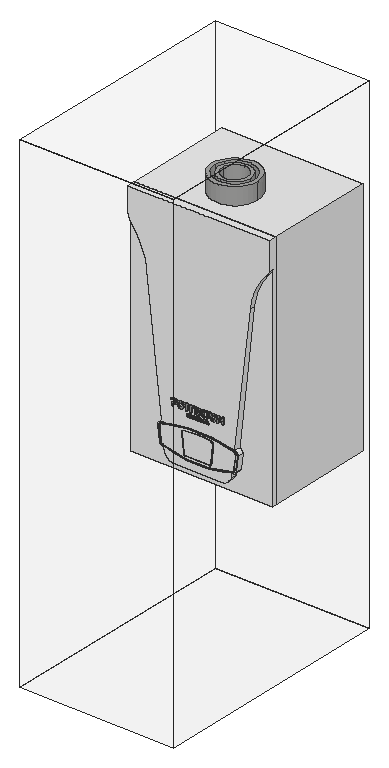
Revit family "Sirius Three WH - 50kW 60kW", category Mechanical Equipment, Revit 2020
Family settings
  Round Connector Dimension = Use Diameter
  Part Type = Normal
  OmniClass Number = 23.75.10.11.14.14
  OmniClass Title = Condensing Boilers
  Work Plane-Based = No
  Always vertical = Yes
  Cut with Voids When Loaded = No
  Shared = No
  Room Calculation Point = No
Parameters (values of type "60kW WH")
  Weekly = "0"
  Water Treatment Required = yes
  Water Content = 5.0 L
  Warranty ID = "See manufacturers website for warranty options and T&C's"  # constant formula
  Voltage = 230 V  # constant formula
  Uniclass2015 = "Pr_60_60_08_34"  # constant formula
  URL = ""
  Type = ""
  Turndown Ratio = "9:1"
  Supply Phase = 1  # constant formula
  Starting Current = 0 A  # constant formula
  Sound Pressure Level = "59 dB"
  Shipping Weight = 0.00 kg
  Shape = "Rectangular (Vertical)"
  Safety Valve Connection Type = "Threaded"
  Safety Valve Connection Size = 20 mm  # constant formula
  Responsible Sourcing of Materials = "0"
  Responsible Extraction of Materials = "0"
  Reference Standard = "EU/2016/426 GAR,  92/42/EEC, EN 15502-1, EN15502-2-1"  # constant formula
  Rated Output = 59400 W
  Rated Criteria = "50/30"  # constant formula
  Quarterly = "0"
  Product Range = "Sirius Three WH 60kW"
  Product Model Number = "7705086"
  Product Literature = "https://www.pottertoncommercial.co.uk/literature-library"
  Primary Fuel = "Gas - NG"
  Overall Width = 450 mm
  Overall Length = 377 mm
  Overall Height = 763 mm
  Optional Fuel = "Gas - LPG"
  Operation and Maintenance Manual = "https://www.pottertoncommercial.co.uk/literature-library"
  Oil Consumption rate = 0
  Nominal Oil Inlet Pressure = 0.0 bar
  Nominal Gas Inlet Pressure = 0.017 bar  # constant formula
  NOx Emissions = "34.1 mg/kWh"
  Mounting = "Wall Mounted"
  Monthly = "0"
  Model = ""
  Minimum Power Consumption = 0 W  # constant formula
  Minimum Operating Pressure = 1.0 bar  # constant formula
  Minimum Oil Inlet Pressure = 0.0 bar
  Minimum Gas Inlet Pressure = 0.017 bar  # constant formula
  Minimum Flow Rate at 20C temperature differential = 0.660 L/s
  Minimum Flow Rate at 15C temperature differential = 0.000 L/s
  Minimum Flow Rate at 11C temperature differential = 0.000 L/s  # constant formula
  Maximum Power Consumption = 95 W
  Maximum Operating Pressure = 4.0 bar  # constant formula
  Maximum Oil Inlet Pressure = 0.0 bar
  Maximum Gas Inlet Pressure = 0.025 bar  # constant formula
  Material Ingredient Reporting = "0"
  Manufacturer Website = "https://www.pottertoncommercial.co.uk/"
  Manufacturer = "Potterton Commercial"  # constant formula
  Maintenance Required 8001 to 12000hrs = "0"
  Maintenance Required 601 to 1000hrs = "0"
  Maintenance Required 4001 to 8000hrs = "0"
  Maintenance Required 301 to 600hrs = "0"
  Maintenance Required 2001 to 4000hrs = "0"
  Maintenance Required 1001 to 2000hrs = "0"
  Maintenance Required 0 to 300hrs = "0"
  Location of Manufacturer = "0"
  Life Cycle Analysis = "0"
  Interlocks = yes
  IfcExportType = "NOTDEFINED"  # constant formula
  IfcExportAs = "IfcBoilerType"  # constant formula
  IP Rating = "IPX5D"
  IK Rating = "0"
  Hydraulic Resistance at 20C temperature differential = 0.55 bar
  Hydraulic Resistance at 15C temperature differential = 0.0 bar
  Hydraulic Resistance at 11C temperature differential = 0.0 bar  # constant formula
  Heater Operation = "Condensing"
  Heat Exchanger Material = "Stainless Steel"
  Gross Weight = 40.00 kg
  Green Guide for Specification = "0"
  Gas Consumption rate = "5.98"
  Fuse Rating = 5 A  # constant formula
  Full Load Current = 0 A
  Fuel Connection Type = "Threaded"
  Fuel Connection Size = 20 mm  # constant formula
  Frequency = 50 Hz  # constant formula
  Flue or Air Intake Classification = "C13; C33; B23"  # constant formula
  Flue Connection size = 80 mm
  Flow and Return Connection Type = "Threaded"
  Flow and Return Connection Size = 25 mm  # constant formula
  Finish = "Powder coated"
  Features = "Compact and lightweight, the Sirius Three WH condensing boilers offer a market leading modulation ratio of 9:1 and comes with weather compensation as standard ensuring high seasonal efficiency all year round"  # constant formula
  External Material = "Steel"
  Expected Life = ""
  ErP Seasonal Efficiency = "92 %"
  ErP Rated Efficiency at Part Load = "96.8 %"
  ErP Rated Efficiency at Full Load = "94.61 %"
  ErP Energy Label = "A"
  Environmental Product Declaration = "0"
  Energy Technology List = ""
  Embodied Carbon = "0"
  Drain Connection Type = "Plain"
  Drain Connection Size = 0 mm
  Description = ""
  Default Elevation = 0 mm
  Daily = "0"
  Control Type = "0 - 10V, Volt free enable, Direct boiler weather compensating control system. "  # constant formula
  Configuration = "Single boiler"
  Condensate Drain Type = "Plain"
  Condensate Drain Size = 22 mm  # constant formula
  Colour = "White"
  Clearance Box Visibility [instance] = yes
  CE Mark = "0085CM0128"
  Burner Control Type = "Modulating"
  Building Regulations Seasonal Efficiency = "96.4 %"
  Bespoke Timeframe = "0"
  BMS Links = yes
  Annually = "Annual service according to manufacturers guidance."  # constant formula
  Air Inlet Connection Size = 125 mm
  Additional Technical Details = ""
  Access Clearance Top = 300 mm
  Access Clearance Right = 20 mm
  Access Clearance Rear = 0 mm
  Access Clearance Left = 20 mm
  Access Clearance Front = 400 mm
  Access Clearance Bottom = 500 mm
  6 Monthly = "0"
Types (2, lengths in mm): name | Water Content | Sound Pressure Level | Rated Output | Product Range | Product Model Number | NOx Emissions | Minimum Flow Rate at 20C temperature differential | Maximum Power Consumption | Hydraulic Resistance at 20C temperature differential | Gas Consumption rate | ErP Seasonal Efficiency | ErP Rated Efficiency at Part Load | ErP Rated Efficiency at Full Load | Building Regulations Seasonal Efficiency
  60kW WH | 5.0 L | "59 dB" | 59400 W | "Sirius Three WH 60kW" | "7705086" | "34.1 mg/kWh" | 0.660 L/s | 95 W | 0.55 bar | "5.98" | "92 %" | "96.8 %" | "94.61 %" | "96.4 %"
  50kW WH | 4.0 L | "62 dB" | 48600 W | "Sirius Three WH 50kW" | "7705085" | "29.8 mg/kWh" | 0.540 L/s | 80 W | 0.48 bar | "4.9" | "93 %" | "97.1" | "94.61" | "96.6 %"
Reference planes
  plane 1 "Center (Front/Back)": y = 0
  plane 2: z = 0
  plane 3 "Center (Left/Right)": x = 0
  plane 4: y = -377.4
Forms (mm)
  Extrusion 1, solid, material "Potterton Sirius WH - Cover"
    sketch origin (0, 0, 0) x (1, 0, 0) y (0, 1, 0)
      loop
        line (-225, 0) -> (-225, -347) -> (-217, -347) -> (-217, 0) -> (-225, 0)
      loop
        arc (-225, -372.877) -> (-0.001, -377.49) -> (225, -372.971) r 5546.295
        line (225, -372.971) -> (225, -349) -> (-225, -349) -> (-225, -372.877)
      loop
        line (225, 0) -> (217, 0) -> (217, -347) -> (225, -347) -> (225, 0)
    from 0 to 763
  Sweep 2, solid
    path origin (0, 0, -3) x (1, 0, 0) y (0, 0, 1)
      loop
        line (0, 766) -> (0, 819)
    profile origin (0, 0, 789.5) x (-1, 0, 0) y (0, -1, 0)
      loop
        circle (0, 229) r 73.5
      loop
        circle (0, 229) r 62.5
      loop
        circle (0, 229) r 40
      loop
        circle (0, 229) r 50
  Extrusion 3, solid, material "Potterton Sirius WH - Cover"
    sketch origin (0, 0, 0) x (1, 0, 0) y (0, 1, 0)
      loop
        line (-217, 0) -> (-217, -347) -> (217, -347) -> (217, 0) -> (-217, 0)
    from 55 to 763
  Sweep 4, solid
    path origin (0, 0, 0) x (1, 0, 0) y (0, 0, 1)
      loop
        line (0, 55) -> (0, 7)
    profile origin (0, 0, 31) x (0, -1, 0) y (1, 0, 0)
      loop
        circle (95, 102) r 12.7
      loop
        circle (95, 2) r 12.7
      loop
        circle (95, -98) r 9.525
      loop
        circle (67, -177) r 11
  Extrusion 5, solid, material "Glass - Clear - Amber", visible <- "Clearance Box Visibility"
    sketch origin (0, 0, 0) x (1, 0, 0) y (0, 1, 0)
      loop
        line (-245, 0) -> (-245, -777) -> (245, -777) -> (245, 0) -> (-245, 0)
    from -500 to 1063
  Extrusion 6, void
    sketch origin (0.794, 0, 0) x (1, 0, 0) y (0, 0, 1)
      loop
        arc (-71.383, 24.348) -> (-92.228, 30.63) -> (-106.13, 47.384) r 37.724
        line (-106.13, 47.384) -> (-107.787, 59.919) -> (-115.08, 62.074)
        arc (-115.08, 62.074) -> (-119.841, 65.443) -> (-123.16, 70.239) r 16.766
        line (-123.16, 70.239) -> (-128.53, 117.78)
        arc (-128.53, 117.78) -> (-124.609, 125.599) -> (-117.047, 129.995) r 15.31
        line (-117.047, 129.995) -> (-164.433, 548.341)
        arc (-164.433, 548.341) -> (-181.063, 608.968) -> (-215.386, 661.638) r 203.712
        arc (-215.386, 661.638) -> (-222.734, 673.279) -> (-225.794, 686.7) r 40.818
        line (-225.794, 686.7) -> (-225.794, -22.391) -> (0.553, -22.391) -> (226.899, -22.391) -> (226.899, 686.79)
        arc (226.899, 686.79) -> (223.852, 673.32) -> (216.487, 661.639) r 40.818
        arc (216.487, 661.639) -> (182.151, 608.941) -> (165.527, 548.281) r 203.712
        line (165.527, 548.281) -> (118.272, 129.966)
        arc (118.272, 129.966) -> (125.757, 125.554) -> (129.636, 117.78) r 15.31
        line (129.636, 117.78) -> (124.265, 70.239)
        arc (124.265, 70.239) -> (120.946, 65.443) -> (116.185, 62.074) r 16.766
        line (116.185, 62.074) -> (108.892, 59.919) -> (107.236, 47.384)
        arc (107.236, 47.384) -> (93.333, 30.63) -> (72.489, 24.348) r 37.724
        line (72.489, 24.348) -> (0.553, 24.348) -> (-71.383, 24.348)
    from 380.333 to 360.2
  Extrusion 7, void
    sketch origin (0, 0, 0) x (1, 0, 0) y (0, 0, 1)
      loop
        arc (-112.593, 128.256) -> (-119.513, 123.948) -> (-122.779, 116.481) r 13.744
        line (-122.779, 116.481) -> (-117.788, 72.293)
        arc (-117.788, 72.293) -> (-114.518, 67.097) -> (-109.313, 63.843) r 13.744
        arc (-109.313, 63.843) -> (0, 47.779) -> (109.454, 62.847) r 392.099
        arc (109.454, 62.847) -> (115.192, 66.056) -> (118.784, 71.563) r 13.744
        line (118.784, 71.563) -> (123.858, 116.485)
        arc (123.858, 116.485) -> (120.591, 123.952) -> (113.672, 128.261) r 13.744
        arc (113.672, 128.261) -> (0.539, 142.779) -> (-112.593, 128.256) r 447.988
      loop
        arc (-111.861, 125.452) -> (-118.067, 121.093) -> (-119.903, 113.735) r 10.85
        line (-119.903, 113.735) -> (-115.596, 75.611)
        arc (-115.596, 75.611) -> (-112.931, 69.628) -> (-107.308, 66.269) r 10.85
        arc (-107.308, 66.269) -> (0.638, 50.67) -> (108.674, 65.634) r 389.206
        arc (108.674, 65.634) -> (114.052, 69.043) -> (116.592, 74.881) r 10.85
        line (116.592, 74.881) -> (120.982, 113.739)
        arc (120.982, 113.739) -> (119.146, 121.097) -> (112.94, 125.456) r 10.85
        arc (112.94, 125.456) -> (0.539, 139.88) -> (-111.861, 125.452) r 445.091
    from 378.49 to 347
  Extrusion 8, void
    sketch origin (0, 0, 0) x (1, 0, 0) y (0, 0, 1)
      loop
        arc (-44.275, 66.241) -> (-41.534, 60.852) -> (-35.89, 58.685) r 8.431
        arc (-35.89, 58.685) -> (0, 57.368) -> (35.89, 58.678) r 491.175
        arc (35.89, 58.678) -> (41.936, 60.587) -> (44.929, 66.178) r 8.406
        line (44.929, 66.178) -> (50.634, 120.463)
        arc (50.634, 120.463) -> (47.492, 128.048) -> (39.907, 131.19) r 10.727
        arc (39.907, 131.19) -> (0.25, 133.838) -> (-39.409, 131.199) r 298.783
        arc (-39.409, 131.199) -> (-46.878, 128.105) -> (-49.972, 120.636) r 10.563
        line (-49.972, 120.636) -> (-44.275, 66.241)
      loop
        arc (-42.935, 67.172) -> (-40.863, 62.169) -> (-35.859, 60.097) r 7.076
        arc (-35.859, 60.097) -> (0.132, 58.771) -> (36.124, 60.093) r 489.782
        arc (36.124, 60.093) -> (40.684, 62.039) -> (43.096, 66.371) r 7.655
        line (43.096, 66.371) -> (48.804, 120.628)
        arc (48.804, 120.628) -> (46.142, 127.055) -> (39.715, 129.717) r 9.088
        arc (39.715, 129.717) -> (0.105, 132.368) -> (-39.506, 129.719) r 297.34
        arc (-39.506, 129.719) -> (-45.901, 127.071) -> (-48.55, 120.676) r 9.044
        line (-48.55, 120.676) -> (-42.935, 67.172)
    from 378.49 to 347
Cuts and joins
  Extrusion 6, Extrusion 7, Extrusion 8 cuts Extrusion 1
  Extrusion 7, Extrusion 8 cuts Extrusion 3
  joined: Extrusion 1, Extrusion 3
  Extrusion 7 cuts Sweep 4
  Extrusion 7, Extrusion 8 cuts Extrusion 5
Dimensions and locks
  locked: Sweep 2 sketch curve to profile plane at 229
  locked: Sweep 4 sketch curve to cut or joined group of Extrusion 1, Extrusion 3, Extrusion 6, Extrusion 7, Extrusion 8 at 123
  locked: Sweep 4 sketch curve to plane 1 "Center (Front/Back)" at 95
  locked: Sweep 4 sketch curve to Sweep 4 sketch curve at 100  (x2)
  locked: Sweep 4 sketch curve to plane 1 "Center (Front/Back)" at 67
  locked: cut or joined group of Extrusion 1, Extrusion 3, Extrusion 6, Extrusion 7, Extrusion 8 to Sweep 4 sketch curve at 48
  plane 4 to plane 1 "Center (Front/Back)" = 377.4 mm
  aligned and locked: level to plane 2
  aligned and locked: plane 1 "Center (Front/Back)" to Extrusion 1 sketch curve
  aligned and locked: Extrusion 1 to level
  aligned and locked: profile plane to Sweep 2 sketch curve
  aligned and locked: Sweep 4 sketch curve to plane 3 "Center (Left/Right)"
  aligned and locked: plane 1 "Center (Front/Back)" to Extrusion 5 sketch curve
Nested families
  nested 1: "Potterton Logo XL commercial" at (-0.001, -377.49, 200) x (1, 0, 0) z (0, -1, 0), type "Potterton Logo XL commercial"
Connectors
  piping at (2, -95, 7), diameter 25.4
    settings: on Sweep 4, index 1, connector inside diameter 609.6 mm, connector length 0 mm, flow factor 0, pipe flow 0.000 L/s, pressure drop 0.0 bar, fitting loss kfactor 0, connector angle 0.00°, fixture units 0, engagement length 0 mm, angle of deflection 0.00°, flow configuration 1, flow direction 2, fitting loss method 0, system type 7, joint type 0, gender type 0, connector reference index -1, connector utility 0, adjustable connector no, is connector primary yes, connector description "Supply"
  piping at (102, -95, 7), diameter 25.4
    settings: on Sweep 4, index 2, connector inside diameter 609.6 mm, connector length 0 mm, flow factor 0, pipe flow 0.000 L/s, pressure drop 0.0 bar, fitting loss kfactor 0, connector angle 0.00°, fixture units 0, engagement length 0 mm, angle of deflection 0.00°, flow configuration 0, flow direction 1, fitting loss method 0, system type 8, joint type 0, gender type 0, connector reference index -1, connector utility 0, adjustable connector no, is connector primary no, connector description "Return"
  piping at (-98, -95, 7), diameter 19.1
    settings: on Sweep 4, index 3, connector inside diameter 609.6 mm, connector length 0 mm, flow factor 0, pipe flow 0.000 L/s, pressure drop 0.0 bar, fitting loss kfactor 0, connector angle 0.00°, fixture units 0, engagement length 0 mm, angle of deflection 0.00°, flow configuration 1, flow direction 1, fitting loss method 0, system type 22, joint type 0, gender type 0, connector reference index -1, connector utility 0, adjustable connector no, is connector primary no, connector description "Gas"
  piping at (-177, -67, 7), diameter 22
    settings: on Sweep 4, index 4, connector inside diameter 609.6 mm, connector length 0 mm, flow factor 0, pipe flow 0.000 L/s, pressure drop 0.0 bar, fitting loss kfactor 0, connector angle 0.00°, fixture units 0, engagement length 0 mm, angle of deflection 0.00°, flow configuration 1, flow direction 2, fitting loss method 0, system type 22, joint type 0, gender type 0, connector reference index -1, connector utility 0, adjustable connector no, is connector primary no, connector description "Drain"
  hvac at (0, -229, 816)
    settings: on Sweep 2, index 6, duct flow 0.0 m³/h, flow factor 0, pres drop 0.0 bar, loss coef 0, conn angle 0.00°, conn width 304.8 mm, conn height 304.8 mm, conn diameter 125 mm, duct sys type 3, conn prof type 0, flow config 1, flow direction 2, loss method 0, conn ref index -1, conn util no, is conn primary yes, conn desc "Flue"
Definition of nested family "Potterton Logo XL commercial"
  Parameters (values of type "Potterton Logo XL commercial")
    Default Elevation = 1219.2 mm
  Reference planes
    plane 1 "Center (Front/Back)": y = 0
    plane 2: z = 0
    plane 3 "Center (Left/Right)": x = 0
    plane 4: y = -17.702
    plane 5: y = -25.614
  Forms (mm)
    Extrusion 1, solid
      sketch origin (0, 0, 0) x (1, 0, 0) y (0, 1, 0)
        loop
          line (-1219.2, 1219.2) -> (-1219.2, -1219.2) -> (1219.2, -1219.2) -> (1219.2, 1219.2) -> (-1219.2, 1219.2)
      from 0 to -304.8
    Extrusion 2, solid
      sketch origin (0, 0, 0) x (1, 0, 0) y (0, 1, 0)
        loop
          line (-71.955, -0.533) -> (-79.06, -0.533)
          arc (-79.06, -0.533) -> (-80.499, -1.128) -> (-81.095, -2.567) r 2.034
          line (-81.095, -2.567) -> (-81.095, -8.486)
          arc (-81.095, -8.486) -> (-79.008, -10.572) -> (-76.921, -8.486) r 2.087
          line (-76.921, -8.486) -> (-76.921, -4.706) -> (-71.742, -4.706)
          arc (-71.742, -4.706) -> (-64.673, 2.943) -> (-71.607, 10.714) r 7.746
          line (-71.607, 10.714) -> (-81.24, 10.714)
          arc (-81.24, 10.714) -> (-83.327, 8.627) -> (-81.24, 6.54) r 2.087
          line (-81.24, 6.54) -> (-71.955, 6.54)
          arc (-71.955, 6.54) -> (-68.419, 3.004) -> (-71.955, -0.533) r 3.536
        loop
          circle (-52.535, 0.042) r 10.599
        loop
          circle (-52.535, 0.042) r 6.507
        loop
          arc (-40.422, 10.714) -> (-42.509, 8.627) -> (-40.422, 6.54) r 2.087
          line (-40.422, 6.54) -> (-35.442, 6.54) -> (-35.442, -8.676)
          arc (-35.442, -8.676) -> (-33.355, -10.763) -> (-31.268, -8.676) r 2.087
          line (-31.268, -8.676) -> (-31.268, 6.54) -> (-22.764, 6.54) -> (-22.764, -8.758)
          arc (-22.764, -8.758) -> (-20.677, -10.845) -> (-18.59, -8.758) r 2.087
          line (-18.59, -8.758) -> (-18.59, 6.54) -> (-12.952, 6.54)
          arc (-12.952, 6.54) -> (-10.865, 8.627) -> (-12.952, 10.714) r 2.087
          line (-12.952, 10.714) -> (-40.422, 10.714)
        loop
          arc (-7.282, 10.714) -> (-8.721, 10.118) -> (-9.317, 8.679) r 2.034
          line (-9.317, 8.679) -> (-9.317, -8.464)
          arc (-9.317, -8.464) -> (-8.721, -9.902) -> (-7.282, -10.498) r 2.034
          line (-7.282, -10.498) -> (4.362, -10.498)
          arc (4.362, -10.498) -> (6.449, -8.411) -> (4.362, -6.324) r 2.087
          line (4.362, -6.324) -> (-5.143, -6.324) -> (-5.143, -1.902) -> (2.532, -1.902)
          arc (2.532, -1.902) -> (4.56, 0.126) -> (2.532, 2.155) r 2.028
          line (2.532, 2.155) -> (-5.143, 2.155) -> (-5.143, 6.54) -> (15.201, 6.54)
          arc (15.201, 6.54) -> (17.428, 4.313) -> (15.201, 2.085) r 2.228
          line (15.201, 2.085) -> (8.757, 2.085)
          arc (8.757, 2.085) -> (6.814, 0.653) -> (7.607, -1.627) r 2.034
          line (7.607, -1.627) -> (20.261, -10.304)
          arc (20.261, -10.304) -> (23.163, -9.763) -> (22.622, -6.862) r 2.087
          line (22.622, -6.862) -> (15.501, -1.98)
          arc (15.501, -1.98) -> (21.222, 4.392) -> (15.447, 10.714) r 6.378
          line (15.447, 10.714) -> (-7.282, 10.714)
        loop
          arc (24.281, 10.714) -> (22.194, 8.627) -> (24.281, 6.54) r 2.087
          line (24.281, 6.54) -> (29.339, 6.54) -> (29.339, -8.928)
          arc (29.339, -8.928) -> (31.425, -11.015) -> (33.512, -8.928) r 2.087
          line (33.512, -8.928) -> (33.512, 6.54) -> (39.079, 6.54)
          arc (39.079, 6.54) -> (41.166, 8.627) -> (39.079, 10.714) r 2.087
          line (39.079, 10.714) -> (24.281, 10.714)
        loop
          circle (50.72, 0.042) r 10.599
        loop
          circle (50.72, 0.042) r 6.507
        loop
          arc (66.91, 10.111) -> (64.675, 10.624) -> (63.383, 8.729) r 2.034
          line (63.383, 8.729) -> (63.383, -8.884)
          arc (63.383, -8.884) -> (65.47, -10.971) -> (67.556, -8.884) r 2.087
          line (67.556, -8.884) -> (67.556, 3.269) -> (79.799, -9.957)
          arc (79.799, -9.957) -> (82.034, -10.47) -> (83.327, -8.575) r 2.034
          line (83.327, -8.575) -> (83.327, 8.928)
          arc (83.327, 8.928) -> (81.24, 11.015) -> (79.153, 8.928) r 2.087
          line (79.153, 8.928) -> (79.153, -3.115) -> (66.91, 10.111)
      from 0 to 1
    Extrusion 3, solid
      sketch origin (-0.476, 0.095, 0) x (1, 0, 0) y (0, 1, 0)
        loop
          circle (-71.772, 2.983) r 2.096
      from 0 to 1
    Extrusion 4, solid
      sketch origin (0, 0, 0) x (1, 0, 0) y (0, 1, 0)
        loop
          arc (-27.509, -20.022) -> (-34.318, -21.562) -> (-27.509, -23.103) r 3.579
          arc (-27.509, -23.103) -> (-27.787, -22.31) -> (-28.579, -22.592) r 0.593
          arc (-28.579, -22.592) -> (-33.188, -21.562) -> (-28.579, -20.532) r 2.42
          arc (-28.579, -20.532) -> (-27.787, -20.815) -> (-27.509, -20.022) r 0.593
        loop
          circle (-22.807, -21.672) r 3.721
        loop
          circle (-22.807, -21.672) r 2.663
        loop
          arc (-17.912, -25.037) -> (-17.302, -25.647) -> (-16.692, -25.037) r 0.61
          line (-16.692, -25.037) -> (-16.692, -20.339) -> (-14.719, -24.988)
          arc (-14.719, -24.988) -> (-14.3, -25.274) -> (-13.865, -25.014) r 0.47
          line (-13.865, -25.014) -> (-11.535, -20.339) -> (-11.535, -25.037)
          arc (-11.535, -25.037) -> (-10.925, -25.647) -> (-10.315, -25.037) r 0.61
          line (-10.315, -25.037) -> (-10.315, -18.853)
          arc (-10.315, -18.853) -> (-10.994, -18.025) -> (-11.939, -18.529) r 0.844
          line (-11.939, -18.529) -> (-13.815, -23.048)
          arc (-13.815, -23.048) -> (-14.127, -23.257) -> (-14.442, -23.05) r 0.34
          line (-14.442, -23.05) -> (-16.223, -18.853)
          arc (-16.223, -18.853) -> (-17.067, -18.009) -> (-17.912, -18.853) r 0.844
          line (-17.912, -18.853) -> (-17.912, -25.037)
        loop
          arc (-9.075, -25.037) -> (-8.465, -25.647) -> (-7.855, -25.037) r 0.61
          line (-7.855, -25.037) -> (-7.855, -20.339) -> (-5.882, -24.988)
          arc (-5.882, -24.988) -> (-5.463, -25.274) -> (-5.028, -25.014) r 0.47
          line (-5.028, -25.014) -> (-2.698, -20.339) -> (-2.698, -25.037)
          arc (-2.698, -25.037) -> (-2.088, -25.647) -> (-1.478, -25.037) r 0.61
          line (-1.478, -25.037) -> (-1.478, -18.853)
          arc (-1.478, -18.853) -> (-2.157, -18.025) -> (-3.102, -18.529) r 0.844
          line (-3.102, -18.529) -> (-4.978, -23.048)
          arc (-4.978, -23.048) -> (-5.29, -23.257) -> (-5.605, -23.05) r 0.34
          line (-5.605, -23.05) -> (-7.386, -18.853)
          arc (-7.386, -18.853) -> (-8.23, -18.009) -> (-9.075, -18.853) r 0.844
          line (-9.075, -18.853) -> (-9.075, -25.037)
        loop
          line (4.948, -17.858) -> (0.978, -17.858)
          arc (0.978, -17.858) -> (0.286, -18.144) -> (0, -18.836) r 0.978
          line (0, -18.836) -> (0, -24.503)
          arc (0, -24.503) -> (0.28, -25.178) -> (0.955, -25.458) r 0.955
          line (0.955, -25.458) -> (4.948, -25.458) -> (4.948, -24.288) -> (1.065, -24.288) -> (1.065, -22.106) -> (4.948, -22.106) -> (4.948, -21.152) -> (1.065, -21.152) -> (1.065, -18.886) -> (4.948, -18.886) -> (4.948, -17.858)
        loop
          arc (19.793, -20.022) -> (12.983, -21.562) -> (19.793, -23.103) r 3.579
          arc (19.793, -23.103) -> (19.514, -22.31) -> (18.722, -22.592) r 0.593
          arc (18.722, -22.592) -> (14.113, -21.562) -> (18.722, -20.532) r 2.42
          arc (18.722, -20.532) -> (19.514, -20.815) -> (19.793, -20.022) r 0.593
        loop
          line (20.87, -18.553) -> (20.87, -24.788)
          arc (20.87, -24.788) -> (21.536, -25.454) -> (22.202, -24.788) r 0.666
          line (22.202, -24.788) -> (22.202, -18.553)
          arc (22.202, -18.553) -> (21.536, -17.887) -> (20.87, -18.553) r 0.666
        loop
          line (31.243, -18.494) -> (31.243, -24.69)
          arc (31.243, -24.69) -> (31.415, -25.106) -> (31.832, -25.279) r 0.589
          line (31.832, -25.279) -> (35.64, -25.279)
          arc (35.64, -25.279) -> (36.294, -24.624) -> (35.64, -23.97) r 0.654
          line (35.64, -23.97) -> (32.678, -23.97) -> (32.678, -18.494)
          arc (32.678, -18.494) -> (31.96, -17.776) -> (31.243, -18.494) r 0.718
        loop
          arc (23.218, -24.254) -> (23.625, -25.238) -> (24.61, -24.832) r 0.753
          line (24.61, -24.832) -> (25.439, -22.834) -> (27.855, -22.834) -> (28.776, -25.004)
          arc (28.776, -25.004) -> (29.827, -25.103) -> (30.125, -24.091) r 0.83
          line (30.125, -24.091) -> (27.886, -18.814)
          arc (27.886, -18.814) -> (26.676, -18.017) -> (25.473, -18.824) r 1.309
          line (25.473, -18.824) -> (23.218, -24.254)
        loop
          line (25.862, -21.925) -> (27.57, -21.925) -> (26.975, -20.134)
          arc (26.975, -20.134) -> (26.649, -19.906) -> (26.337, -20.153) r 0.333
          line (26.337, -20.153) -> (25.862, -21.925)
        loop
          line (6.588, -25.235) -> (7.74, -25.235) -> (7.74, -22.432) -> (10.175, -22.432)
          arc (10.175, -22.432) -> (10.775, -22.646) -> (11.104, -23.192) r 0.947
          line (11.104, -23.192) -> (11.104, -25.235) -> (12.256, -25.235) -> (12.256, -23.192)
          arc (12.256, -23.192) -> (11.892, -22.107) -> (10.948, -21.461) r 1.799
          arc (10.948, -21.461) -> (12.029, -19.351) -> (10.188, -17.858) r 1.882
          line (10.188, -17.858) -> (6.588, -17.858) -> (6.588, -25.235)
        loop
          line (7.74, -20.786) -> (10.108, -20.786)
          arc (10.108, -20.786) -> (11.058, -19.836) -> (10.108, -18.886) r 0.95
          line (10.108, -18.886) -> (7.74, -18.886) -> (7.74, -20.786)
      from 0 to 1
  Dimensions and locks
    aligned and locked: plane 2 to Extrusion 1
    aligned and locked: level to Extrusion 1
